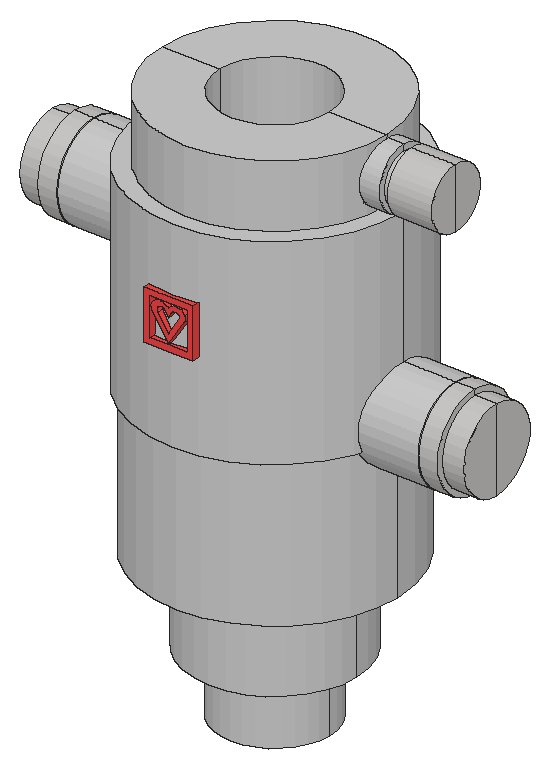
Revit family "Клапан предотвращения обратного потока 0302", category Rohrzubehör, Revit 2020
Family settings
  Bemaßung runder Anschluss = Durchmesser verwenden
  Teiletyp = Unterbricht
  OmniClass-Nummer = 23.65.55.14
  OmniClass-Titel = Valves for Liquid Services
  Arbeitsebenenbasiert = Nein
  Immer vertikal = Ja
  Beim Laden mit Abzugskörper schneiden = Nein
  Gemeinsam genutzt = Nein
Parameters (values of type "DN15 (3/4"-3/4")")
  Уплотнение = "EPDM"  # constant formula
  Примечание = "В соответствии со статьей 33 Регламента REACH (Registration; Evaluation; Authorisation; Restriction of Chemicals) (EC № 1907/2006) мы обязаны указать, что свинец внесен в список SVHC (Substances of Very High Concern - вещества очень высокой важности) и весовой процент свинца во всех латунных компонентах заводского изготовления в наших изделиях, превышает 0,1 % (w/w) (CAS: 7439-92-1 / EINECS: 231-100-4).\r\nПоскольку свинец является легирующим компонентом сплава, прямое негативное влияние исключается, и поэтому дополнительной информации о безопасном использовании не требуется."
  Область применения = "Клапан предотвращения обратного потока устанавливается на водоразборной арматуре с подключение под шланг.\r\nБлагодаря своей компактной конструкции клапан применяется в тех случаях, когда необходима привязка к сточным водам."
  Макс. рабочее давление = 1000000.0 Pa  # constant formula
  Макс. рабочая температура = 65 °C  # constant formula
  Корпус = "штампованная латунь (CW617N), хромированная"  # constant formula
  Макс. допустимая рабочая температура (кратковременно) = 80 °C  # constant formula
  Исполнение = "Клапан предотвращения обратного потока ВА разработан согласно требованиям нормы DIN EN 1717.\r\nСогласно этой нормы качество воды, в зависимости от степени загрязнения, разделяется на 5 категорий.\r\nКлапан предотвращения обратного потока типа ВА обеспечивает защиту от непитьевой воды до 4 категории, - это самый высокий класс защиты, который может обеспечить арматура.\r\nКлапан предотвращения обратного потока укомплектован стопорным болтом и фильтрующим элементом от загрязнения.\r\nЭтот фильтрующий диск должен быть правильно установлен на арматуре.\r\nНа него сверху устанавливается уплотнение.\r\nУстановка фильтра-грязевика перед клапаном предотвращения обратного потока помогает обеспечить его долгий срок службы.\r\nКлапан предотвращения обратного потока может быть установлен только в вертикальном положении.\r\nHERZ-клапан предотвращения обратного потока морозоустойчивый."
  Vorgabe-Ansicht = 0.00 mm
  URL = "www.herz-armaturen.ru"
  Картридж клапана предотвращения обратного потока = "высококачественный устойчивый к известковому налету пластик"  # constant formula
  SCTWSEQ = "AW;SBT_TYP_AW=\"104\";2"
  SCTWCODE = "04;12;02"  # constant formula
  S03 = 29.00 mm  # constant formula
  S02 = 53.00 mm  # constant formula
  S01 = 13.00 mm  # constant formula
  NennweiteEin [instance] = if([20_20], 20.00 mm, if([25_20], 25.00 mm, if([25_25], 25.00 mm, 0.00 mm)))  # 20.00 mm
  NennweiteAus [instance] = if([20_20], 20.00 mm, if([25_20], 20.00 mm, if([25_25], 25.00 mm, 0.00 mm)))  # 20.00 mm
  Среда = "вода (не пар)"  # constant formula
  LO01 = 70.00 mm  # constant formula
  IG (ein) [instance] = NennweiteEin / 2  # 10.00 mm
  Hersteller = "HERZ Armaturen Ges.m.b.H."  # constant formula
  H09 = 7.50 mm  # constant formula
  H08 = 24.50 mm  # constant formula
  H07 = 8.50 mm  # constant formula
  H06 = 57.50 mm  # constant formula
  H05 = 6.00 mm  # constant formula
  H04 = 11.50 mm  # constant formula
  H03 = 54.00 mm  # constant formula
  H02 = 27.00 mm  # constant formula
  H01 = 102.00 mm  # constant formula
  GT (IG) [instance] = if([20_20], 11.30 mm, if([25_20], 12.50 mm, if([25_25], 12.50 mm, 0.00 mm)))  # 11.30 mm
  GT (AG) [instance] = if([20_20], 11.30 mm, if([25_20], 12.50 mm, if([25_25], 12.50 mm, 0.00 mm)))  # 11.30 mm
  Положение при монтаже = "вертикальное"  # constant formula
  D10 = 4.00 mm  # constant formula
  D09 = 40.50 mm  # constant formula
  D08 = 4.50 mm  # constant formula
  D07 = 5.50 mm  # constant formula
  D06 = 33.00 mm  # constant formula
  D05 [instance] = (NennweiteEin / 2) + 1.00 mm  # 11.00 mm
  D04 = 15.00 mm  # constant formula
  D03 = 22.50 mm  # constant formula
  D02 = 23.50 mm  # constant formula
  D01 = 20.50 mm  # constant formula
  Номер заказа = if([20_20], "I030202", if([25_20], "I030203", if([25_25], "I030213", "0")))  # "I030202"
  AG (aus) [instance] = NennweiteAus / 2  # 10.00 mm
  25_25 = no
  25_20 = no
  20_20 = yes
Types (4, lengths in mm): name | NennweiteEin | NennweiteAus | IG (ein) | GT (IG) | GT (AG) | D05 | Номер заказа | AG (aus) | 25_25 | 25_20 | 20_20
  (no name) | 20.00 | 20.00 | 10.00 | 11.30 | 11.30 | 11.00 | "I030202" | 10.00 | no | no | yes
  DN15 (3/4"-3/4") | 20.00 | 20.00 | 10.00 | 11.30 | 11.30 | 11.00 | "I030202" | 10.00 | no | no | yes
  DN20 (1"-3/4") | 25.00 | 20.00 | 12.50 | 12.50 | 12.50 | 13.50 | "I030203" | 10.00 | no | yes | no
  DN20 (1"-1") | 25.00 | 25.00 | 12.50 | 12.50 | 12.50 | 13.50 | "I030213" | 12.50 | yes | no | no
Reference planes
  plane 1 "Mitte (Vorne/hinten)": y = 0
  plane 2: z = 0
  plane 3 "Mitte (Links/rechts)": x = 0
Forms (mm)
  Revolve 1, solid, material "Messing, vernickelt", detail levels fine
    sketch origin (0, 0, 0) x (1, 0, 0) y (0, 0, 1)
      loop
        line (0, 0) -> (0, 90.7) -> (-10, 90.7) -> (-10, 102) -> (-20.5, 102) -> (-20.5, 90.5) -> (-23.5, 90.5) -> (-23.5, 54) -> (-22.5, 54) -> (-22.5, 27) -> (-15, 27) -> (-15, 11.3) -> (-10, 11.3) -> (-10, 0) -> (0, 0)
      axis (0, 102) -> (0, 0)
    angle from 0 to 360
  Revolve 2, solid, material "Messing, vernickelt", detail levels fine
    sketch origin (0, 0, 0) x (1, 0, 0) y (0, 0, 1)
      loop
        line (11, 101.5) -> (11, 96) -> (23.5, 96) -> (23.5, 101.5) -> (11, 101.5)
      axis (11, 96) -> (23.5, 96)
    angle from 0 to 360
  Revolve 3, solid, material "Messing, vernickelt", detail levels fine
    sketch origin (0, 0, 0) x (1, 0, 0) y (0, 0, 1)
      loop
        line (0, 66) -> (0, 57.5) -> (33, 57.5) -> (33, 66) -> (0, 66)
      axis (33, 57.5) -> (0, 57.5)
    angle from 0 to 360
  Revolve 4, solid, material "Messing, vernickelt", detail levels fine
    sketch origin (0, 0, 0) x (1, 0, 0) y (0, 0, 1)
      loop
        line (0, 77.5) -> (0, 86) -> (-33, 86) -> (-33, 77.5) -> (0, 77.5)
      axis (-33, 77.5) -> (0, 77.5)
    angle from 0 to 360
  Revolve 5, solid, material "Edelstahl", detail levels fine
    sketch origin (0, 0, 0) x (1, 0, 0) y (0, 0, 1)
      loop
        line (23.5, 96) -> (33, 96) -> (33, 101.5) -> (25, 101.5) -> (25, 100.5) -> (23.5, 100.5) -> (23.5, 96)
      axis (23.5, 96) -> (33, 96)
    angle from 0 to 360
  Revolve 6, solid, material "Edelstahl", detail levels fine
    sketch origin (0, 0, 0) x (1, 0, 0) y (0, 0, 1)
      loop
        line (33, 57.5) -> (40.5, 57.5) -> (40.5, 65) -> (36.5, 65) -> (36.5, 66) -> (33, 66) -> (33, 57.5)
      axis (33, 57.5) -> (40.5, 57.5)
    angle from 0 to 360
  Revolve 7, solid, material "Edelstahl", detail levels fine
    sketch origin (0, 0, 20) x (-1, 0, 0) y (0, 0, 1)
      loop
        line (33, 57.5) -> (40.5, 57.5) -> (40.5, 65) -> (36.5, 65) -> (36.5, 66) -> (33, 66) -> (33, 57.5)
      axis (33, 57.5) -> (40.5, 57.5)
    angle from 0 to 360
Lines and regions (mm)
  model lines, detail levels coarse+medium
    curve 1: line (-23.5, 0, 102) -> (23.5, 0, 102)
    curve 2: line (-23.5, 0, 0) -> (-23.5, 0, 102)
    curve 3: line (23.5, 0, 0) -> (-23.5, 0, 0)
    curve 4: line (23.5, 0, 102) -> (23.5, 0, 0)
    curve 5: line (-10.5, 0, 102) -> (-10.5, 0, 49)
    curve 6: line (-10.5, 0, 29) -> (-10.5, 0, 0)
    curve 7: line (10.5, 0, 102) -> (10.5, 0, 49)
    curve 8: line (10.5, 0, 29) -> (10.5, 0, 0)
    curve 9: line (0, 23.5, 102) -> (0, -23.5, 102)
    curve 10: line (0, 23.5, 0) -> (0, 23.5, 102)
    curve 11: line (0, -23.5, 0) -> (0, 23.5, 0)
    curve 12: line (0, -23.5, 102) -> (0, -23.5, 0)
    curve 13: line (0, 10.5, 102) -> (0, 10.5, 49)
    curve 14: line (0, 10.5, 29) -> (0, 10.5, 0)
    curve 15: line (0, -10.5, 102) -> (0, -10.5, 49)
    curve 16: line (0, -10.5, 29) -> (0, -10.5, 0)
Dimensions and locks
  "H01": Revolve 1 sketch curve to plane 2
  "IG (ein)": Revolve 1 sketch curve to plane 3 "Mitte (Links/rechts)"
  "AG (aus)": Revolve 1 sketch curve to plane 3 "Mitte (Links/rechts)"
  "GT (IG)": Revolve 1 sketch curve to Revolve 1 sketch curve
  "GT (AG)": Revolve 1 sketch curve to Revolve 1 sketch curve
  "D01": Revolve 1 sketch curve to plane 3 "Mitte (Links/rechts)"
  "D02": plane 3 "Mitte (Links/rechts)" to Revolve 1 sketch curve
  "D03": Revolve 1 sketch curve to plane 3 "Mitte (Links/rechts)"
  "D04": Revolve 1 sketch curve to plane 3 "Mitte (Links/rechts)"
  "H02": Revolve 1 sketch curve to plane 2
  "H03": Revolve 1 sketch curve to plane 2
  "H04": Revolve 1 sketch curve to Revolve 1 sketch curve
  "H05": Revolve 1 to Revolve 2 sketch curve
  "D02": Revolve 2 sketch curve to plane 3 "Mitte (Links/rechts)"
  "D05": Revolve 2 sketch curve to plane 3 "Mitte (Links/rechts)"
  "H06": Revolve 3 sketch curve to plane 2
  "H07": Revolve 3 sketch curve to Revolve 3 sketch curve
  "D06": Revolve 3 sketch curve to plane 3 "Mitte (Links/rechts)"
  "D06": plane 3 "Mitte (Links/rechts)" to Revolve 4 sketch curve
  "H07": Revolve 4 sketch curve to Revolve 4 sketch curve
  "H08": Revolve 1 to Revolve 4 sketch curve
  "D06": Revolve 5 sketch curve to plane 3 "Mitte (Links/rechts)"
  Revolve 5 sketch curve to Revolve 5 sketch curve = 1.50 mm
  "D02": Revolve 5 sketch curve to plane 3 "Mitte (Links/rechts)"
  "D07": Revolve 5 sketch curve to Revolve 5 sketch curve
  "H05": Revolve 1 to Revolve 5 sketch curve
  "D07": Revolve 2 sketch curve to Revolve 2 sketch curve
  "D08": Revolve 5 sketch curve to Revolve 5 sketch curve
  "D06": plane 3 "Mitte (Links/rechts)" to Revolve 6 sketch curve
  "D09": Revolve 6 sketch curve to plane 3 "Mitte (Links/rechts)"
  "D10": Revolve 6 sketch curve to Revolve 6 sketch curve
  "H07": Revolve 6 sketch curve to Revolve 6 sketch curve
  "H09": Revolve 6 sketch curve to Revolve 6 sketch curve
  "D10": Revolve 7 sketch curve to Revolve 7 sketch curve
  "H07": Revolve 7 sketch curve to Revolve 7 sketch curve
  "H09": Revolve 7 sketch curve to Revolve 7 sketch curve
  "H08": Revolve 1 to Revolve 7 sketch curve
  "D06": plane 3 "Mitte (Links/rechts)" to Revolve 7 sketch curve
  "D09": plane 3 "Mitte (Links/rechts)" to Revolve 7 sketch curve
  "D02": nested 1 to plane 1 "Mitte (Vorne/hinten)"
  "LO01": nested 1 to plane 2
  "H01": curve 1 to plane 2
  "D02": curve 4 to plane 3 "Mitte (Links/rechts)" to curve 2
  "S01": curve 2 to curve 5
  "S01": curve 7 to curve 4
  "S01": curve 6 to curve 2
  "S01": curve 8 to curve 4
  "S02": curve 1 to curve 7
  "S02": curve 1 to curve 5
  "S03": curve 8 to curve 3
  "S03": curve 6 to curve 3
  "H01": curve 9 to plane 2
  "S03": curve 16 to plane 2
  "S02": curve 15 to curve 9
  "S01": curve 15 to curve 12
  "S01": curve 10 to curve 13
  "D02": curve 10 to plane 1 "Mitte (Vorne/hinten)" to curve 12
  "S01": curve 10 to curve 14
  "S01": curve 16 to curve 12
  "S03": curve 14 to plane 2
  "S02": curve 13 to curve 9
  aligned and locked: level to plane 2
Automatic sketch dimensions
  curve 16 to level = 0.00 mm
  curve 8 to level = 0.00 mm
  Revolve 1 sketch curve to plane 3 "Mitte (Links/rechts)" = 0.00 mm  (x2)
  Revolve 1 sketch curve to level = 0.00 mm
  Revolve 1 sketch curve to level = 366.045 mm
  Revolve 1 sketch curve to Revolve 1 sketch curve = 2112.315 mm
  Revolve 2 sketch curve to Revolve 2 sketch curve = 0.00 mm  (x3)
  Revolve 3 sketch curve to plane 3 "Mitte (Links/rechts)" = 0.00 mm  (x2)
  Revolve 3 sketch curve to Revolve 3 sketch curve = 0.00 mm  (x2)
  Revolve 4 sketch curve to plane 3 "Mitte (Links/rechts)" = 0.00 mm  (x2)
  Revolve 4 sketch curve to Revolve 4 sketch curve = 0.00 mm  (x2)
  Revolve 5 sketch curve to Revolve 5 sketch curve = 0.00 mm  (x3)
  level to Revolve 6 sketch curve = 57.50 mm
  Revolve 6 sketch curve to Revolve 6 sketch curve = 0.00 mm  (x3)
  Revolve 7 sketch curve to Revolve 7 sketch curve = 0.00 mm  (x3)
Nested families
  nested 1: "Herz-Logo-vorne" at (0, -23.5, 74.5) x (0, 1, 0) z (0, 0, 1), type "Herz-Logo-vorne", detail levels fine
Connectors
  piping at (0, 0, 90.7), diameter 20, driven by "NennweiteEin"
    settings: on Revolve 1, index 1, connector inside diameter 609.6 mm, connector length 0.00 mm, flow factor 0, pipe flow 0.0 L/s, pressure drop 0.0 Pa, fitting loss kfactor 0, connector angle 0.00°, fixture units 0, engagement length 0.00 mm, angle of deflection 0.00°, flow configuration 0, flow direction 1, fitting loss method 0, system type 29, joint type 0, gender type 0, connector reference index -1, connector utility 0, adjustable connector no, is connector primary yes, connector description ""
  piping at (0, 0, 0), diameter 20, driven by "NennweiteAus"
    settings: on Revolve 1, index 2, connector inside diameter 609.6 mm, connector length 0.00 mm, flow factor 0, pipe flow 0.0 L/s, pressure drop 0.0 Pa, fitting loss kfactor 0, connector angle 0.00°, fixture units 0, engagement length 0.00 mm, angle of deflection 0.00°, flow configuration 0, flow direction 2, fitting loss method 0, system type 29, joint type 0, gender type 0, connector reference index -1, connector utility 0, adjustable connector no, is connector primary no, connector description ""
Definition of nested family "Herz-Logo-vorne"
  Parameters (values of type "Herz-Logo-vorne")
    Default Elevation = 0.00 mm
  Reference planes
    plane 1 "Mitte (Vorne/hinten)": y = 0
    plane 2: z = 0
    plane 3 "Mitte (Links/rechts)": x = 0
  Forms (mm)
    Extrusion 1, solid
      sketch origin (0.732, -0.018, 0.017) x (0, -1, 0) y (0, 0, 1)
        loop
          line (-0.018, -4.517) -> (4.482, -4.517) -> (4.482, 4.483) -> (-4.518, 4.483) -> (-4.518, -4.517) -> (-0.018, -4.517)
        loop
          line (-0.05, -3.48) -> (3.482, -3.48) -> (3.482, 3.483) -> (-3.518, 3.483) -> (-3.518, -3.48) -> (-0.05, -3.48)
        loop
          arc (-0.018, 2.383) -> (-1.543, 3.287) -> (-3.067, 2.383) r 1.738
          arc (-3.067, 2.383) -> (-3.191, 1.899) -> (-3.067, 1.415) r 1.009
          line (-3.067, 1.415) -> (-0.018, -3.281) -> (3.032, 1.415)
          arc (3.032, 1.415) -> (3.156, 1.899) -> (3.032, 2.383) r 1.009
          arc (3.032, 2.383) -> (1.507, 3.287) -> (-0.018, 2.383) r 1.738
        loop
          arc (1.885, 1.272) -> (2.005, 1.675) -> (1.885, 2.079) r 0.74
          arc (1.885, 2.079) -> (1.265, 2.416) -> (0.644, 2.079) r 0.74
          line (0.644, 2.079) -> (-0.018, 0.97) -> (-0.679, 2.079)
          arc (-0.679, 2.079) -> (-1.3, 2.416) -> (-1.921, 2.079) r 0.74
          arc (-1.921, 2.079) -> (-2.04, 1.675) -> (-1.921, 1.272) r 0.74
          line (-1.921, 1.272) -> (-0.018, -1.658) -> (1.885, 1.272)
      from 0 to 1.5
  Dimensions and locks
    aligned and locked: level to plane 2
